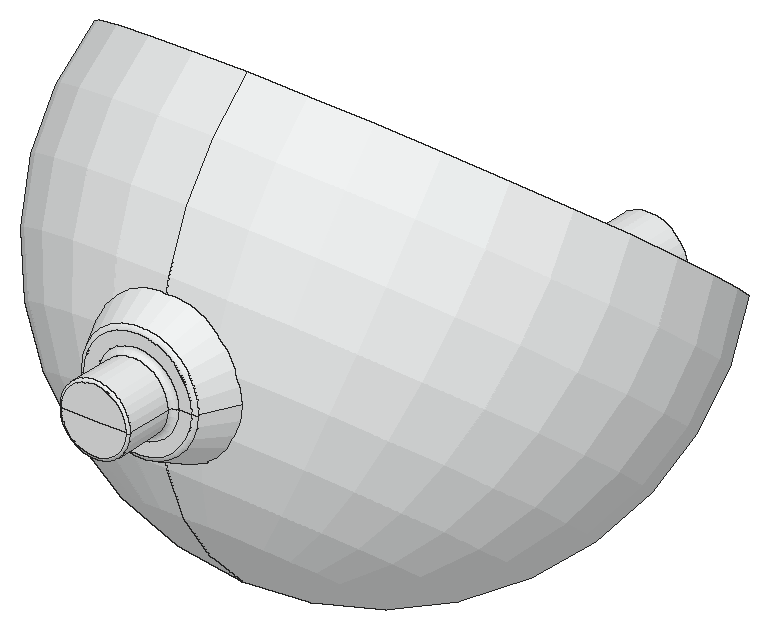
Revit family "Mictorio", category Plumbing Fixtures, host Face, Revit 2020
Family settings
  Host = Face
  Round Connector Dimension = Use Radius
  Part Type = Normal
  Cut with Voids When Loaded = No
  Shared = No
  Room Calculation Point = No
Parameters (values of type "MIC_ADU")
  WFU = 0
  URL = ""
  Raio Água Fria = 7.5 mm  # constant formula
  Raio Ponto de Esgoto = 25 mm  # constant formula
  Model = ""
  Material_Mictorio = CT_Louças_Sanitárias
  Manufacturer = ""
  Flow Pressure = 0.00 psi
  Diâmetro Água Fria = Raio Água Fria * 2  # 15 mm
  Diâmetro Ponto de Esgoto = Raio Ponto de Esgoto * 2  # 50 mm
  Description = "Descrição do tipo"
  Default Elevation = 700 mm
  Código = ""
  CWFU = 0
  Assembly Code = ""
Reference planes
  plane 1 "Center (Front/Back)": y = -37.209
  plane 2: z = 0
  plane 3 "Center (Left/Right)": x = 0
  plane 4 "Bottom 1": y = -192.632
  plane 5 "Top 1": y = 262.5
  plane 6 "Front 1": z = 290
  plane 7 "Left 1": x = -190
  plane 8 "Right 1": x = 190
  plane 9 "Top 2": y = 412.791
  plane 10 "Bottom 2": y = -282.209
Forms (mm)
  Revolve 1, solid, material "CT_Louças_Sanitárias" <- "Material_Mictorio"
    sketch origin (0, -2.5, -2.5) x (0, 1, 0) y (0, 0, 1)
      loop
        line (-40.618, 268.723) -> (-64.131, 294.838)
        arc (-64.131, 294.838) -> (-138.455, 147.162) -> (-68.264, -2.521) r 189.112
        line (-68.264, -2.521) -> (-46.485, 24.879)
        arc (-46.485, 24.879) -> (-103.428, 148.241) -> (-40.618, 268.723) r 154.112
      axis (-68.264, -2.521) -> (78.182, 181.717)
    angle from 0 to 360
  Extrusion 2, solid, material "CT_Louças_Sanitárias" <- "Material_Mictorio"
    sketch origin (0, 0, 0) x (1, 0, 0) y (0, 1, 0)
      loop
        arc (-47.544, 249.939) -> (-60.732, 244.598) -> (-67.857, 232.281) r 21.903
        line (-67.857, 232.281) -> (-89.379, 122.5) -> (89.291, 122.5) -> (67.769, 232.281)
        arc (67.769, 232.281) -> (60.645, 244.598) -> (47.456, 249.939) r 21.903
        arc (47.456, 249.939) -> (-0.044, 251.221) -> (-47.544, 249.939) r 880.608
    from 0 to 15.5
  Extrusion 3, solid, material "CT_Louças_Sanitárias" <- "Material_Mictorio"
    sketch origin (0, -37.209, 0) x (1, 0, 0) y (0, 0, 1)
      loop
        circle (0, 40.558) r 25
    from -299.709 to -220.608
  Extrusion 4, solid, not visible
    sketch origin (0, -14.379, 0) x (1, 0, 0) y (0, 1, 0)
      loop
        circle (0, 427.17) r 7.5
    from -1.105 to 0
  Extrusion 5, solid, not visible
    sketch origin (-60.478, -139.379, 0) x (1, 0, 0) y (0, 1, 0)
      loop
        circle (60.478, -142.83) r 25
    from -4.992 to 0
  Extrusion 6, solid, material "CT_Louças_Sanitárias" <- "Material_Mictorio"
    sketch origin (0, 0, 0) x (1, 0, 0) y (0, 1, 0)
      loop
        circle (0, 55.187) r 115
    from 19.347 to 27.821
  Revolve 7, solid, material "CT_Louças_Sanitárias" <- "Material_Mictorio"
    sketch origin (-274.821, 0, 143.125) x (1, 0, 0) y (0, 1, 0)
      loop
        line (274.821, -130.621) -> (224.624, -130.621) -> (236.397, -154.759)
        arc (236.397, -154.759) -> (237.648, -156.225) -> (239.454, -156.9) r 3.85
        line (239.454, -156.9) -> (248.029, -156.9)
        arc (248.029, -156.9) -> (250.761, -158.031) -> (251.893, -160.764) r 3.864
        line (251.893, -160.764) -> (251.893, -191.043)
        arc (251.893, -191.043) -> (252.363, -192.177) -> (253.498, -192.647) r 1.605
        line (253.498, -192.647) -> (274.821, -192.647) -> (274.821, -130.621)
      axis (274.821, -130.621) -> (274.821, -192.647)
    angle from 0 to 360
Lines and regions (mm)
  Masking region 1
    outline origin (-407.418, 0, 0) x (1, 0, 0) y (0, 1, 0)
      loop
        line (338.938, 232.239) -> (334.834, 211.56)
        arc (334.834, 211.56) -> (282.83, 185.815) -> (242.275, 144.312) r 172.873
        arc (242.275, 144.312) -> (229.943, 121.337) -> (223.054, 96.187) r 116.015
        arc (223.054, 96.187) -> (242.118, -43.422) -> (353.28, -130.008) r 186.825
        arc (353.28, -130.008) -> (356.671, -131.601) -> (359.026, -134.515) r 8.362
        line (359.026, -134.515) -> (368.912, -154.785)
        arc (368.912, -154.785) -> (370.388, -156.424) -> (372.507, -157.032) r 4
        line (372.507, -157.032) -> (380.363, -157.032)
        arc (380.363, -157.032) -> (383.191, -158.203) -> (384.363, -161.032) r 4
        line (384.363, -161.032) -> (384.363, -191.632)
        arc (384.363, -191.632) -> (384.656, -192.339) -> (385.363, -192.632) r 1
        line (385.363, -192.632) -> (429.473, -192.632)
        arc (429.473, -192.632) -> (430.18, -192.339) -> (430.473, -191.632) r 1
        line (430.473, -191.632) -> (430.473, -161.032)
        arc (430.473, -161.032) -> (431.644, -158.203) -> (434.473, -157.032) r 4
        line (434.473, -157.032) -> (442.328, -157.032)
        arc (442.328, -157.032) -> (444.448, -156.424) -> (445.924, -154.785) r 4
        line (445.924, -154.785) -> (455.81, -134.515)
        arc (455.81, -134.515) -> (458.165, -131.601) -> (461.556, -130.008) r 8.362
        arc (461.556, -130.008) -> (572.718, -43.422) -> (591.782, 96.187) r 186.825
        arc (591.782, 96.187) -> (584.893, 121.337) -> (572.561, 144.312) r 116.015
        arc (572.561, 144.312) -> (532.006, 185.815) -> (480.002, 211.56) r 172.873
        line (480.002, 211.56) -> (475.898, 232.239)
        arc (475.898, 232.239) -> (468.644, 244.723) -> (455.254, 250.126) r 22.25
        arc (455.254, 250.126) -> (443.606, 250.669) -> (431.951, 251.059) r 890
        line (431.951, 251.059) -> (431.951, 252.883) -> (422.941, 261.892)
        arc (422.941, 261.892) -> (407.433, 262.518) -> (391.924, 261.922) r 197.255
        line (391.924, 261.922) -> (382.885, 252.883) -> (382.885, 251.059)
        arc (382.885, 251.059) -> (371.23, 250.669) -> (359.582, 250.126) r 890
        arc (359.582, 250.126) -> (346.192, 244.723) -> (338.938, 232.239) r 22.25
      loop
        circle (360.246, 229.005) r 5.34
      loop
        circle (454.926, 229.005) r 5.34
  Masking region 2
    outline origin (409.062, -37.209, -4.688) x (1, 0, 0) y (0, 0, 1)
      loop
        line (-535.042, 4.621) -> (-282.958, 4.621)
        arc (-282.958, 4.621) -> (-228.172, 86.916) -> (-224.04, 185.692) r 183.486
        arc (-224.04, 185.692) -> (-233.804, 216.38) -> (-253.738, 241.672) r 90.085
        arc (-253.738, 241.672) -> (-282.112, 262.944) -> (-314.215, 278.01) r 173.697
        arc (-314.215, 278.01) -> (-408.995, 294.111) -> (-503.775, 278.01) r 287.023
        arc (-503.775, 278.01) -> (-535.878, 262.944) -> (-564.252, 241.672) r 173.697
        arc (-564.252, 241.672) -> (-584.147, 216.453) -> (-593.929, 185.857) r 90.085
        arc (-593.929, 185.857) -> (-589.886, 86.986) -> (-535.042, 4.621) r 183.313
  Masking region 3
    outline origin (0, -800.002, 0) x (0, 1, 0) y (0, 0, 1)
      loop
        arc (684.695, 232.721) -> (676.317, 214.456) -> (669.489, 195.556) r 241.141
        arc (669.489, 195.556) -> (668.722, 193.968) -> (667.346, 192.864) r 4
        line (667.346, 192.864) -> (645.207, 182.066)
        arc (645.207, 182.066) -> (643.569, 180.591) -> (642.961, 178.471) r 4
        line (642.961, 178.471) -> (642.961, 170.615)
        arc (642.961, 170.615) -> (641.789, 167.787) -> (638.961, 166.615) r 4
        line (638.961, 166.615) -> (608.361, 166.615)
        arc (608.361, 166.615) -> (607.654, 166.323) -> (607.361, 165.615) r 1
        line (607.361, 165.615) -> (607.361, 121.505)
        arc (607.361, 121.505) -> (607.654, 120.798) -> (608.361, 120.505) r 1
        line (608.361, 120.505) -> (638.961, 120.505)
        arc (638.961, 120.505) -> (641.789, 119.334) -> (642.961, 116.505) r 4
        line (642.961, 116.505) -> (642.961, 108.65)
        arc (642.961, 108.65) -> (643.569, 106.53) -> (645.207, 105.055) r 4
        line (645.207, 105.055) -> (655.164, 100.198)
        arc (655.164, 100.198) -> (656.204, 99.36) -> (656.778, 98.153) r 3
        arc (656.778, 98.153) -> (681.138, 42.426) -> (724.715, 0) r 158.27
        line (724.715, 0) -> (1051.33, 0) -> (1051.33, 12.373)
        arc (1051.33, 12.373) -> (1052.123, 14.35) -> (1054.006, 15.345) r 3.094
        line (1054.006, 15.345) -> (1062.519, 24.799) -> (1060.894, 55.808) -> (1051.435, 64.325) -> (1022.831, 62.826)
        arc (1022.831, 62.826) -> (1021.535, 62.993) -> (1020.434, 63.698) r 2.984
        line (1020.434, 63.698) -> (735.881, 289.232)
        arc (735.881, 289.232) -> (734.055, 289.659) -> (732.307, 288.982) r 3.178
        line (732.307, 288.982) -> (707.17, 263.845)
        arc (707.17, 263.845) -> (694.701, 249.176) -> (684.757, 232.689) r 119.141
  symbolic lines
    curve 1: line (-24.533, 252.883, 0) -> (24.505, 252.883, 0)
    curve 2: arc (-0.391, 191.21, 0) -> (-64.807, 179.695, 0) -> (-119.524, 143.806, 0) r 163.232
    curve 3: arc (-119.524, 143.806, 0) -> (-144.298, 99.992, 0) -> (-142.634, 49.686, 0) r 93.058
    curve 4: arc (-88.821, -14.193, 0) -> (-121.923, 12.982, 0) -> (-142.843, 50.352, 0) r 115.461
    curve 5: arc (-88.821, -14.193, 0) -> (-46.03, -31.172, 0) -> (-0.391, -37.213, 0) r 187.49
    curve 6: arc (-0.391, 191.21, 0) -> (59.321, 181.483, 0) -> (111.389, 150.677, 0) r 163.232
    curve 7: arc (111.389, 150.677, 0) -> (140.972, 104.87, 0) -> (142.061, 50.352, 0) r 99.796
    curve 8: arc (88.04, -14.193, 0) -> (121.141, 12.982, 0) -> (142.061, 50.352, 0) r 115.461
    curve 9: arc (88.04, -14.193, 0) -> (45.248, -31.172, 0) -> (-0.391, -37.213, 0) r 187.49
    curve 10: arc (-142.634, 49.686, 0) -> (-139.239, 83.764, 0) -> (-124.011, 114.439, 0) r 95.256
    curve 11: arc (-124.011, 114.439, 0) -> (-68.292, 156.281, 0) -> (0, 170.126, 0) r 158.207
    curve 12: arc (-118.507, 120.581, 0) -> (-134.242, 76.46, 0) -> (-133.526, 29.622, 0) r 131.601
    curve 13: arc (-0.469, 165.647, 0) -> (-101.914, 104.142, 0) -> (-89.466, -13.837, 0) r 110.709
    curve 14: arc (142.061, 50.352, 0) -> (136.78, 89.462, 0) -> (116.1, 123.074, 0) r 95.256
    curve 15: arc (116.1, 123.074, 0) -> (62.905, 158.581, 0) -> (0, 170.126, 0) r 158.207
    curve 16: arc (116.1, 123.074, 0) -> (133.097, 77.678, 0) -> (132.507, 29.209, 0) r 131.601
    curve 17: arc (-0.469, 165.647, 0) -> (101.02, 104.053, 0) -> (88.405, -13.992, 0) r 110.709
    curve 18: line (-24.533, 251.022, 0) -> (-24.533, 221.653, 0)
    curve 19: line (24.533, 251.017, 0) -> (24.533, 221.653, 0)
    curve 20: arc (-71.963, 211.639, 0) -> (-43.397, 218.882, 0) -> (-14.153, 222.522, 0) r 236.9
    curve 21: line (-14.153, 222.522, 0) -> (-6.904, 221.761, 0)
    curve 22: arc (-6.904, 221.761, 0) -> (0.355, 220.631, 0) -> (7.602, 221.834, 0) r 23.137
    curve 23: arc (71.963, 211.639, 0) -> (43.397, 218.882, 0) -> (14.153, 222.522, 0) r 236.9
    curve 24: line (14.153, 222.522, 0) -> (7.602, 221.834, 0)
    curve 25: arc (-53.362, -130.216, 0) -> (0, -131.293, 0) -> (53.362, -130.216, 0) r 1322.364
    curve 26: arc (-185.813, 83.944, 0) -> (-173.199, 25.873, 0) -> (-136.506, -20.869, 0) r 132.699
    curve 27: arc (-136.506, -20.869, 0) -> (-72.087, -56.486, 0) -> (0.625, -67.944, 0) r 212.13
    curve 28: arc (186.902, 75.642, 0) -> (172.623, 22.144, 0) -> (137.756, -20.869, 0) r 132.699
    curve 29: arc (137.756, -20.869, 0) -> (73.337, -56.486, 0) -> (0.625, -67.944, 0) r 212.13
    curve 30: arc (-184.867, -37.209, 181.169) -> (-181.667, -37.209, 151.167) -> (-167.543, -37.209, 124.505) r 79.693
    curve 31: arc (-167.543, -37.209, 124.505) -> (-138.981, -37.209, 97.318) -> (-104.298, -37.209, 78.555) r 149.313
    curve 32: arc (-104.298, -37.209, 78.555) -> (-62.579, -37.209, 65.332) -> (-19.251, -37.209, 59.161) r 264.798
    curve 33: arc (-19.251, -37.209, 59.161) -> (-18.148, -37.209, 58.205) -> (-17.356, -37.209, 56.98) r 5.179
    curve 34: circle (0.063, -37.209, 39.042) r 25.217 normal (0, 1, 0)
    curve 35: arc (23.624, -37.209, 30.053) -> (26.612, -37.209, 20.105) -> (35.891, -37.209, 15.434) r 13.142
    curve 36: line (35.891, -37.209, 15.434) -> (75.204, -37.209, 15.434)
    curve 37: arc (75.204, -37.209, 15.434) -> (78.662, -37.209, 14.344) -> (80.87, -37.209, 11.467) r 6.029
    curve 38: line (80.87, -37.209, 11.467) -> (84.274, -37.209, -0.066)
    curve 39: arc (-23.498, -37.209, 30.053) -> (-26.487, -37.209, 20.105) -> (-35.765, -37.209, 15.434) r 13.142
    curve 40: line (-35.765, -37.209, 15.434) -> (-75.079, -37.209, 15.434)
    curve 41: arc (-75.079, -37.209, 15.434) -> (-78.537, -37.209, 14.344) -> (-80.745, -37.209, 11.467) r 6.029
    curve 42: line (-80.745, -37.209, 11.467) -> (-84.149, -37.209, -0.066)
    curve 43: arc (184.997, -37.209, 181.11) -> (181.783, -37.209, 151.139) -> (167.668, -37.209, 124.505) r 79.693
    curve 44: arc (167.668, -37.209, 124.505) -> (139.106, -37.209, 97.318) -> (104.423, -37.209, 78.555) r 149.313
    curve 45: arc (104.423, -37.209, 78.555) -> (62.704, -37.209, 65.332) -> (19.377, -37.209, 59.161) r 264.798
    curve 46: arc (19.377, -37.209, 59.161) -> (18.274, -37.209, 58.205) -> (17.481, -37.209, 56.98) r 5.179
    curve 47: spline (-142.44, -37.209, 151.771) -> (-137.151, -37.209, 173.7) -> (-122.678, -37.209, 194.08) -> (-99.99, -37.209, 211.547) -> (-70.605, -37.209, 224.931) -> (-36.491, -37.209, 233.337) -> (0.07, -37.209, 236.202) -> (36.631, -37.209, 233.334) -> (70.744, -37.209, 224.926) -> (100.126, -37.209, 211.54) -> (122.811, -37.209, 194.072) -> (137.28, -37.209, 173.691) -> (142.565, -37.209, 151.762)
    curve 48: arc (-142.454, -37.209, 151.803) -> (-145.854, -37.209, 168.893) -> (-144.31, -37.209, 186.25) r 61.329
    curve 49: arc (-72.824, -37.209, 250.712) -> (-36.879, -37.209, 259.745) -> (0.063, -37.209, 262.731) r 224.179
    curve 50: arc (-144.31, -37.209, 186.25) -> (-134, -37.209, 208.025) -> (-117.673, -37.209, 225.741) r 79.963
    curve 51: arc (-117.673, -37.209, 225.741) -> (-96.369, -37.209, 240.24) -> (-72.824, -37.209, 250.712) r 144.08
    curve 52: arc (142.565, -37.209, 151.762) -> (145.978, -37.209, 168.871) -> (144.435, -37.209, 186.25) r 61.329
    curve 53: arc (72.95, -37.209, 250.712) -> (37.005, -37.209, 259.745) -> (0.063, -37.209, 262.731) r 224.179
    curve 54: arc (144.435, -37.209, 186.25) -> (134.126, -37.209, 208.025) -> (117.798, -37.209, 225.741) r 79.963
    curve 55: arc (117.798, -37.209, 225.741) -> (96.495, -37.209, 240.24) -> (72.95, -37.209, 250.712) r 144.08
    curve 56: arc (-142.454, -37.209, 151.803) -> (-122.732, -37.209, 123.446) -> (-94.375, -37.209, 103.723) r 97.712
    curve 57: arc (-94.375, -37.209, 103.723) -> (-48.402, -37.209, 87.578) -> (0.063, -37.209, 82.541) r 208.534
    curve 58: arc (142.58, -37.209, 151.803) -> (122.857, -37.209, 123.446) -> (94.5, -37.209, 103.723) r 97.712
    curve 59: arc (94.5, -37.209, 103.723) -> (48.527, -37.209, 87.578) -> (0.063, -37.209, 82.541) r 208.534
    curve 60: circle (-15.311, -37.209, 165.856) r 3.25 normal (0, -1, 0)
    curve 61: circle (0.063, -37.209, 172.247) r 3.25 normal (0, -1, 0)
    curve 62: circle (0.063, -37.209, 150.492) r 3.25 normal (0, -1, 0)
    curve 63: circle (0.063, -37.209, 128.746) r 3.25 normal (0, -1, 0)
    curve 64: circle (-15.341, -37.209, 135.086) r 3.25 normal (0, -1, 0)
    curve 65: circle (-21.733, -37.209, 150.496) r 3.25 normal (0, -1, 0)
    curve 66: circle (15.437, -37.209, 165.856) r 3.25 normal (0, 1, 0)
    curve 67: circle (15.466, -37.209, 135.086) r 3.25 normal (0, 1, 0)
    curve 68: circle (21.858, -37.209, 150.496) r 3.25 normal (0, 1, 0)
    curve 69: circle (0.063, -37.209, 40.194) r 15.5 normal (0, -1, 0)
    curve 70: line (0, 220.432, 63.698) -> (0, 221.813, 62.619)
    curve 71: arc (0, 221.813, 62.619) -> (0, 222.497, 61.043) -> (0, 221.925, 59.423) r 2.349
    curve 72: line (0, 221.925, 59.423) -> (0, 182.189, 0.01)
    curve 73: line (0, 254.005, 15.345) -> (0, 251.444, 64.198)
    curve 74: line (-27.664, -157.032, 0) -> (26.446, -157.032, 0)
    curve 75: arc (0, -63.678, 0) -> (0, -104.821, 44.622) -> (0, -129.603, 100.026) r 188.009
    curve 76: line (0, -129.603, 100.026) -> (0, -130.512, 195.556)
    curve 77: line (0, -157.041, 116.505) -> (0, -157.041, 170.615)
Dimensions and locks
  plane 7 "Left 1" to plane 8 "Right 1" = 380 mm
  plane 8 "Right 1" to plane 7 "Left 1" = 380 mm
  plane 6 "Front 1" to host face = 290 mm  (x2)
  plane 9 "Top 2" to plane 1 "Center (Front/Back)" to plane 10 "Bottom 2" = 450 mm, 245 mm
  plane 4 "Bottom 1" to plane 5 "Top 1" to plane 9 "Top 2" = 455.132 mm, 150.291 mm
  plane 10 "Bottom 2" to plane 1 "Center (Front/Back)" = 245 mm
  plane 1 "Center (Front/Back)" to plane 9 "Top 2" = 450 mm
  plane 4 "Bottom 1" to plane 5 "Top 1" = 455.132 mm
  plane 5 "Top 1" to plane 9 "Top 2" = 150.291 mm
  aligned and locked: host face to plane 2
  aligned and locked: level to host face
Connectors
  piping at (0, 412.791, 0), diameter 15, driven by "Flow Pressure", driven by "CWFU", driven by "Raio Água Fria"
    settings: on Extrusion 4, index 1, connector inside diameter 0.59055", connector length 0 mm, flow factor 0, pipe flow 0 GPM, pressure drop 0.00 psi, fitting loss kfactor 0, connector angle 0.00°, fixture units 0, engagement length 0 mm, angle of deflection 0.00°, flow configuration 3, flow direction 1, fitting loss method 4, system type 20, joint type 0, gender type 0, connector reference index -1, connector utility 0, adjustable connector no, is connector primary yes, connector description ""
  piping at (0, -282.209, 0), diameter 50, driven by "Raio Ponto de Esgoto", driven by "Flow Pressure", driven by "WFU"
    settings: on Extrusion 5, index 2, connector inside diameter 1.9685", connector length 0 mm, flow factor 0, pipe flow 0 GPM, pressure drop 0.00 psi, fitting loss kfactor 0, connector angle 0.00°, fixture units 0, engagement length 0 mm, angle of deflection 0.00°, flow configuration 3, flow direction 2, fitting loss method 0, system type 16, joint type 0, gender type 0, connector reference index -1, connector utility 0, adjustable connector no, is connector primary no, connector description ""
